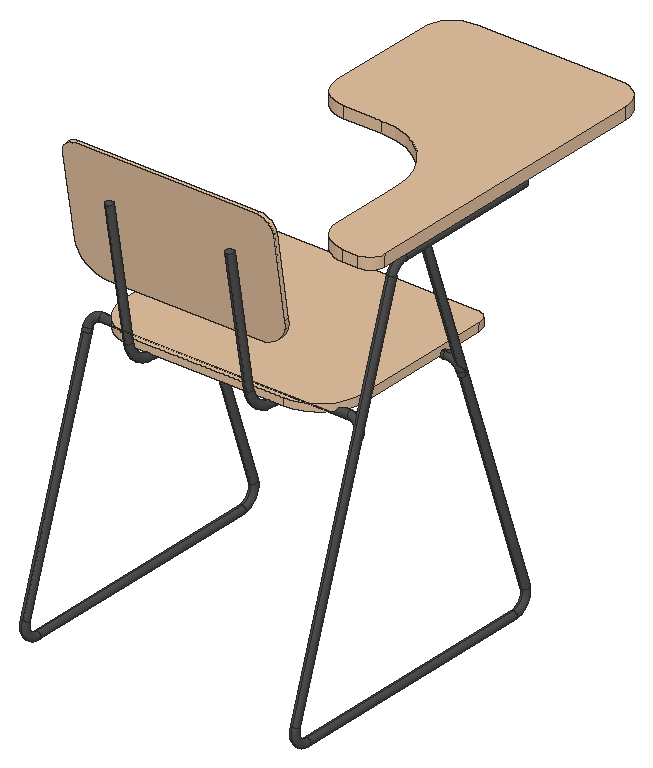
Revit family "Chair-Tablet Arm", category Furniture, Revit 2018
Family settings
  OmniClass Number = 23.40.20.14.14.11
  OmniClass Title = Chairs
  Work Plane-Based = No
  Always vertical = Yes
  Cut with Voids When Loaded = No
  Shared = Yes
  Room Calculation Point = No
Parameters (values of type "Chair-Tablet Arm")
  Assembly Code = "E2020200"
  Seat/Back Material = Cherry
  Tablet Material = Cherry
Reference planes (in)
  plane 1 "Center (Front/Back)": y = 4.28864
  plane 2: z = 0
  plane 3 "Center (Left/Right)": x = -7.04918
  plane 4: x = 1.95082
  plane 5: x = -16.04918
  plane 6: y = 0.28864
  plane 7: y = 14.28864
  plane 8: y = -5.71136
  plane 9: y = 8.28864
  plane 10 "Top": z = 30.75
  plane 11: z = 17.5
  plane 12: z = 16.5
  plane 13: y = -0.05919
  plane 14: y = 8.63239
  plane 15: through (0, -5.1106, 1.75221) normal (0, -0.9459, 0.3243)
  plane 16: through (0, 12.78567, 4.38366) normal (0, -0.9459, -0.3243)
  plane 17: z = 16.5
  plane 18: y = 8.63239
  plane 19: y = -0.05511
  plane 20: through (0, 0.68926, 0.12154) normal (0, -0.9848, -0.1736)
  plane 21 "Seat": z = 18
  plane 22: x = -3.04918
  plane 23: x = -11.04918
  plane 24: z = 27.75
  plane 25: z = 27.75
  plane 26: y = 22.95594
  plane 27: x = 9.5
  plane 28: x = 13.5
  plane 29 "Table": z = 26.75
Forms (in)
  Sweep 1, solid, material "Steel, Chrome Plated"
    path origin (1.95082, 0, 0) x (0, -1, 0) y (0, 0, 1)
      loop
        line (-5.58325, 25.62147) -> (-13.82647, 1.57875)
        arc (-13.82647, 1.57875) -> (-13.69714, 0.67067) -> (-12.88205, 0.25) r 1
        line (-12.88205, 0.25) -> (4.30476, 0.25)
        arc (4.30476, 0.25) -> (5.11849, 0.66876) -> (5.2507, 1.57432) r 1
        line (5.2507, 1.57432) -> (-2.76237, 24.94579)
        arc (-2.76237, 24.94579) -> (-3.12708, 25.4352) -> (-3.70832, 25.62147) r 1
        line (-3.70832, 25.62147) -> (-13.80537, 25.62147)
    profile origin (1.95082, 4.28865, 0) x (0, 0, 1) y (-1, 0, 0)
      loop
        circle (0.25, 0) r 0.25
  Sweep 2, solid, material "Steel, Chrome Plated"
    path origin (-16.04918, 0, 0) x (0, -1, 0) y (0, 0, 1)
      loop
        line (-8.63159, 16.49972) -> (-13.74887, 1.57432)
        arc (-13.74887, 1.57432) -> (-13.61666, 0.66876) -> (-12.80293, 0.25) r 1
        line (-12.80293, 0.25) -> (4.22565, 0.25)
        arc (4.22565, 0.25) -> (5.03938, 0.66876) -> (5.17159, 1.57432) r 1
        line (5.17159, 1.57432) -> (0.05511, 16.4974)
    profile origin (-16.04918, 4.28864, 0) x (0, 0, 1) y (-1, 0, 0)
      loop
        circle (0.25, 0) r 0.25
  Sweep 3, solid, material "Steel, Chrome Plated"
    path origin (0, -5.1106, 1.75221) x (0, -0.324324, -0.945946) y (1, 0, 0)
      loop
        line (-15.59002, 1.95082) -> (-15.85414, 1.95082)
        arc (-15.85414, 1.95082) -> (-16.38447, 1.73115) -> (-16.60414, 1.20082) r 0.75
        line (-16.60414, 1.20082) -> (-16.60414, -15.29918)
        arc (-16.60414, -15.29918) -> (-16.38447, -15.82951) -> (-15.85414, -16.04918) r 0.75
        line (-15.85414, -16.04918) -> (-15.58777, -16.04918)
    profile origin (-7.04918, -5.1106, 1.75221) x (0, -0.324324, -0.945946) y (0, -0.945946, 0.324324)
      loop
        circle (-16.60414, 0) r 0.25
  Sweep 4, solid, material "Steel, Chrome Plated"
    path origin (0, 12.78567, 4.38366) x (0, 0.324324, -0.945946) y (1, 0, 0)
      loop
        line (-12.80958, 1.95082) -> (-13.16539, 1.95082)
        arc (-13.16539, 1.95082) -> (-13.69572, 1.73115) -> (-13.91539, 1.20082) r 0.75
        line (-13.91539, 1.20082) -> (-13.91539, -15.04918)
        arc (-13.91539, -15.04918) -> (-13.62249, -15.75629) -> (-12.91539, -16.04918) r 1
        line (-12.91539, -16.04918) -> (-12.80841, -16.04918)
    profile origin (-6.92418, 12.78567, 4.38366) x (0, 0.324324, -0.945946) y (0, -0.945946, -0.324324)
      loop
        circle (-13.91539, 0) r 0.25
  Extrusion 5, solid, material "Cherry" <- "Seat/Back Material"
    sketch origin (0, 0.68926, 0.12154) x (0, 0.173648, -0.984808) y (1, 0, 0)
      loop
        arc (-31.16548, -13.04918) -> (-30.87259, -13.75629) -> (-30.16548, -14.04918) r 1
        line (-30.16548, -14.04918) -> (-24.53945, -14.04918)
        arc (-24.53945, -14.04918) -> (-23.12523, -13.46339) -> (-22.53945, -12.04918) r 2
        line (-22.53945, -12.04918) -> (-22.53945, -2.04918)
        arc (-22.53945, -2.04918) -> (-23.12523, -0.63497) -> (-24.53945, -0.04918) r 2
        line (-24.53945, -0.04918) -> (-30.16548, -0.04918)
        arc (-30.16548, -0.04918) -> (-30.87259, -0.34207) -> (-31.16548, -1.04918) r 1
        line (-31.16548, -1.04918) -> (-31.16548, -13.04918)
    from 0 to -0.25
  Extrusion 6, solid, material "Cherry" <- "Seat/Back Material"
    sketch origin (0, 0, 18) x (1, 0, 0) y (0, 1, 0)
      loop
        arc (-14.04918, 12.28864) -> (-14.75629, 11.99575) -> (-15.04918, 11.28864) r 1
        line (-15.04918, 11.28864) -> (-15.04918, 1.78864)
        arc (-15.04918, 1.78864) -> (-14.1705, -0.33268) -> (-12.04918, -1.21136) r 3
        line (-12.04918, -1.21136) -> (-2.04918, -1.21136)
        arc (-2.04918, -1.21136) -> (0.07214, -0.33268) -> (0.95082, 1.78864) r 3
        line (0.95082, 1.78864) -> (0.95082, 11.28864)
        arc (0.95082, 11.28864) -> (0.65793, 11.99575) -> (-0.04918, 12.28864) r 1
        line (-0.04918, 12.28864) -> (-14.04918, 12.28864)
    from -0.5 to 0
  Sweep 7, solid, material "Steel, Chrome Plated"
    path origin (-3.04918, 0, 0) x (0, -1, 0) y (0, 0, 1)
      loop
        line (-8.39629, 17.25) -> (0.9066, 17.25)
        arc (0.9066, 17.25) -> (2.19218, 17.71791) -> (2.87622, 18.9027) r 2
        line (2.87622, 18.9027) -> (4.43624, 27.75)
    profile origin (-3.04918, 3.74484, 0) x (0, 0, 1) y (-1, 0, 0)
      loop
        circle (17.25, 0) r 0.25
  Sweep 8, solid, material "Steel, Chrome Plated"
    path origin (-11.04918, 0, 0) x (0, -1, 0) y (0, 0, 1)
      loop
        line (-8.39629, 17.25) -> (0.9066, 17.25)
        arc (0.9066, 17.25) -> (2.19218, 17.71791) -> (2.87622, 18.9027) r 2
        line (2.87622, 18.9027) -> (4.44782, 27.81571)
    profile origin (-11.04918, 3.74484, 0) x (0, 0, 1) y (-1, 0, 0)
      loop
        circle (17.25, 0) r 0.25
  Extrusion 9, solid, material "Cherry" <- "Tablet Material"
    sketch origin (-11.19326, 0.78864, 0) x (1, 0, 0) y (0, 1, 0)
      loop
        arc (2, 22.95594) -> (0.58579, 22.37015) -> (0, 20.95594) r 2
        line (0, 20.95594) -> (0, 13.90733)
        arc (0, 13.90733) -> (0.58579, 12.49312) -> (2, 11.90733) r 2
        line (2, 11.90733) -> (4.5, 11.90733)
        arc (4.5, 11.90733) -> (8.03553, 10.44287) -> (9.5, 6.90733) r 5
        line (9.5, 6.90733) -> (9.5, 2)
        arc (9.5, 2) -> (10.08579, 0.58579) -> (11.5, 0) r 2
        line (11.5, 0) -> (12.5, 0)
        arc (12.5, 0) -> (13.20711, 0.29289) -> (13.5, 1) r 1
        line (13.5, 1) -> (13.5, 20.95594)
        arc (13.5, 20.95594) -> (12.91421, 22.37015) -> (11.5, 22.95594) r 2
        line (11.5, 22.95594) -> (2, 22.95594)
    from 26 to 26.75
Lines and regions (in)
  Masking region 1
    outline origin (0, 0, 30.75) x (-1, 0, 0) y (0, -1, 0)
      loop
        arc (13.54918, 2.81292) -> (13.90273, 2.95936) -> (14.04918, 3.31292) r 0.5
        line (14.04918, 3.31292) -> (14.04918, 4.47199)
        arc (14.04918, 4.47199) -> (13.90273, 4.82554) -> (13.54918, 4.97199) r 0.5
        line (13.54918, 4.97199) -> (0.54918, 4.97199)
        arc (0.54918, 4.97199) -> (0.19563, 4.82554) -> (0.04918, 4.47199) r 0.5
        line (0.04918, 4.47199) -> (0.04918, 3.31292)
        arc (0.04918, 3.31292) -> (0.19563, 2.95936) -> (0.54918, 2.81292) r 0.5
        line (0.54918, 2.81292) -> (13.54918, 2.81292)
  Masking region 2
    outline origin (0, 0, 18) x (1, 0, 0) y (0, 1, 0)
      loop
        arc (-2.04918, -1.21136) -> (0.07214, -0.33268) -> (0.95082, 1.78864) r 3
        line (0.95082, 1.78864) -> (0.95082, 11.28864)
        arc (0.95082, 11.28864) -> (0.65793, 11.99575) -> (-0.04918, 12.28864) r 1
        line (-0.04918, 12.28864) -> (-4.71654, 12.28864) -> (-14.04918, 12.28864)
        arc (-14.04918, 12.28864) -> (-14.75629, 11.99575) -> (-15.04918, 11.28864) r 1
        line (-15.04918, 11.28864) -> (-15.04918, 8.5969) -> (-15.79918, 8.5969) -> (-15.79918, 13.91262) -> (-16.401, 13.91262) -> (-16.401, -5.294) -> (-15.79918, -5.294) -> (-15.79918, 1.78864) -> (-15.04918, 1.78864)
        arc (-15.04918, 1.78864) -> (-14.1705, -0.33268) -> (-12.04918, -1.21136) r 3
        line (-12.04918, -1.21136) -> (-2.04918, -1.21136)
      loop
        line (-15.04918, 2.45844) -> (-15.04918, 8.00492) -> (-15.79918, 8.00492) -> (-15.79918, 2.45844) -> (-15.04918, 2.45844)
      loop
        line (2.30674, -5.294) -> (2.30674, 1.78864)
        arc (2.30674, 1.78864) -> (2.14163, 1.23822) -> (1.70082, 0.86956) r 1
        line (1.70082, 0.86956) -> (1.70082, -5.294) -> (2.30674, -5.294)
  Masking region 3
    outline origin (0, 0, 30.75) x (-1, 0, 0) y (0, -1, 0)
      loop
        line (11.19326, -21.74458) -> (11.19326, -14.69597)
        arc (11.19326, -14.69597) -> (10.60747, -13.28176) -> (9.19326, -12.69597) r 2
        line (9.19326, -12.69597) -> (6.69326, -12.69597)
        arc (6.69326, -12.69597) -> (3.15772, -11.23151) -> (1.69326, -7.69597) r 5
        line (1.69326, -7.69597) -> (1.69326, -2.78864)
        arc (1.69326, -2.78864) -> (1.10747, -1.37443) -> (-0.30674, -0.78864) r 2
        line (-0.30674, -0.78864) -> (-1.30674, -0.78864)
        arc (-1.30674, -0.78864) -> (-2.01385, -1.08153) -> (-2.30674, -1.78864) r 1
        line (-2.30674, -1.78864) -> (-2.30674, -21.74458)
        arc (-2.30674, -21.74458) -> (-1.72096, -23.15879) -> (-0.30674, -23.74458) r 2
        line (-0.30674, -23.74458) -> (9.19326, -23.74458)
        arc (9.19326, -23.74458) -> (10.60747, -23.15879) -> (11.19326, -21.74458) r 2
  symbolic lines
    curve 1: line (-14.04918, 12.28864, 18) -> (-4.71654, 12.28864, 18)
    curve 2: line (-15.04918, 11.28864, 18) -> (-15.04918, 1.78864, 18)
    curve 3: line (-12.04918, -1.21136, 18) -> (-2.04918, -1.21136, 18)
    curve 4: arc (-14.04918, 12.28864, 18) -> (-14.75629, 11.99575, 18) -> (-15.04918, 11.28864, 18) r 1
    curve 5: arc (-12.04918, -1.21136, 18) -> (-14.1705, -0.33268, 18) -> (-15.04918, 1.78864, 18) r 3
    curve 6: line (-13.54918, -2.81292, 30.75) -> (-0.54918, -2.81292, 30.75)
    curve 7: line (-14.04918, -3.31292, 30.75) -> (-14.04918, -4.47199, 30.75)
    curve 8: line (-13.54918, -4.97199, 30.75) -> (-0.54918, -4.97199, 30.75)
    curve 9: line (-0.04918, -3.31292, 30.75) -> (-0.04918, -4.47199, 30.75)
    curve 10: arc (-13.54918, -2.81292, 30.75) -> (-13.90273, -2.95936, 30.75) -> (-14.04918, -3.31292, 30.75) r 0.5
    curve 11: arc (-13.54918, -4.97199, 30.75) -> (-13.90273, -4.82554, 30.75) -> (-14.04918, -4.47199, 30.75) r 0.5
    curve 12: arc (-0.54918, -2.81292, 30.75) -> (-0.19563, -2.95936, 30.75) -> (-0.04918, -3.31292, 30.75) r 0.5
    curve 13: arc (-0.04918, -4.47199, 30.75) -> (-0.19563, -4.82554, 30.75) -> (-0.54918, -4.97199, 30.75) r 0.5
    curve 14: line (-11.45578, -1.21136, 18) -> (-11.45578, -2.81292, 18)
    curve 15: line (-10.73694, -1.21136, 18) -> (-10.73694, -2.81292, 18)
    curve 16: line (-2.63225, -1.21136, 18) -> (-2.63225, -2.81292, 18)
    curve 17: line (-3.33701, -1.21136, 18) -> (-3.33701, -2.81292, 18)
    curve 18: line (-15.04918, 8.00492, 18) -> (-15.79918, 8.00492, 18)
    curve 19: line (-15.04918, 8.5969, 18) -> (-15.79918, 8.5969, 18)
    curve 20: line (-15.79918, 8.00492, 18) -> (-15.79918, 8.5969, 18)
    curve 21: line (-15.04918, 1.78864, 18) -> (-15.79918, 1.78864, 18)
    curve 22: line (-15.04918, 2.45844, 18) -> (-15.79918, 2.45844, 18)
    curve 23: line (-15.79918, 1.78864, 18) -> (-15.79918, 2.45844, 18)
    curve 24: line (-16.401, -5.294, 18) -> (-15.79918, -5.294, 18)
    curve 25: line (-16.401, 13.91262, 18) -> (-16.401, -5.294, 18)
    curve 26: line (-15.79918, 13.91262, 18) -> (-16.401, 13.91262, 18)
    curve 27: line (-15.79918, -5.294, 18) -> (-15.79918, 13.91262, 18)
    curve 28: line (2.30674, -5.294, 18) -> (1.70082, -5.294, 18)
    curve 29: line (2.30674, 21.74458, 26.75) -> (2.30674, 1.78864, 26.75)
    curve 30: line (1.70082, -5.294, 18) -> (1.70082, 0.86956, 18)
    curve 31: line (0.30674, 23.74458, 26.75) -> (-9.19326, 23.74458, 26.75)
    curve 32: arc (0.30674, 23.74458, 26.75) -> (1.72096, 23.15879, 26.75) -> (2.30674, 21.74458, 26.75) r 2
    curve 33: arc (-11.19326, 21.74458, 26.75) -> (-10.60747, 23.15879, 26.75) -> (-9.19326, 23.74458, 26.75) r 2
    curve 34: line (-11.19326, 21.74458, 26.75) -> (-11.19326, 14.69597, 26.75)
    curve 35: arc (-11.19326, 14.69597, 26.75) -> (-10.60747, 13.28176, 26.75) -> (-9.19326, 12.69597, 26.75) r 2
    curve 36: line (-9.19326, 12.69597, 26.75) -> (-6.69326, 12.69597, 26.75)
    curve 37: arc (-6.69326, 12.69597, 26.75) -> (-3.15772, 11.23151, 26.75) -> (-1.69326, 7.69597, 26.75) r 5
    curve 38: line (-1.69326, 7.69597, 26.75) -> (-1.69326, 2.78864, 26.75)
    curve 39: line (0.30674, 0.78864, 26.75) -> (1.30674, 0.78864, 26.75)
    curve 40: arc (1.30674, 0.78864, 26.75) -> (2.01385, 1.08153, 26.75) -> (2.30674, 1.78864, 26.75) r 1
    curve 41: arc (-1.69326, 2.78864, 26.75) -> (-1.10747, 1.37443, 26.75) -> (0.30674, 0.78864, 26.75) r 2
    curve 42: arc (0.76232, 0.742, 18) -> (-0.33744, -0.67509, 18) -> (-2.04918, -1.21136, 18) r 3
    curve 43: line (2.30674, 1.706, 18) -> (2.30674, -5.294, 18)
Dimensions and locks (in)
  equal spacing: plane 5, plane 3 "Center (Left/Right)", plane 4
  locked: plane 5 to plane 4 at 18
  equal spacing: plane 8, plane 1 "Center (Front/Back)", plane 7
  locked: plane 8 to plane 7 at 20
Automatic sketch dimensions
  plane 4 to Masking region 1 sketch curve = 0' - 2"
  Masking region 1 sketch curve to Masking region 1 sketch curve = 0' - 0 1/2"  (x3)
  Masking region 1 sketch curve to plane 5 = 0' - 2 1/2"
  Masking region 1 sketch curve to plane 8 = 0' - 0.73937"
  Masking region 1 sketch curve to Masking region 1 sketch curve = 0' - 0"
  Masking region 1 sketch curve to Masking region 1 sketch curve = 0' - 1.15907"
  plane 4 to curve 9 = 0' - 2"
  curve 9 to curve 12 = 0' - 0 1/2"
  curve 9 to curve 13 = 0' - 0 1/2"
  curve 11 to plane 8 = 0' - 1.23937"
  curve 11 to plane 5 = 0' - 2 1/2"
  curve 10 to curve 11 = 0' - 0"
  curve 11 to curve 7 = 0' - 0 1/2"
  curve 10 to curve 11 = 0' - 1.15907"
  curve 41 to plane 6 = 0' - 0 1/2"
  curve 29 to plane 4 = 0' - 0.35592"
  curve 39 to curve 29 = 0' - 1"
  curve 39 to curve 40 = 0' - 1"
  plane 1 "Center (Front/Back)" to curve 41 = 0' - 1 1/2"
  plane 9 to curve 37 = 0' - 0.59267"
  plane 3 "Center (Left/Right)" to curve 37 = 0' - 0.35592"
  curve 35 to plane 7 = 0' - 0.40733"
  plane 23 to curve 34 = 0' - 0.14408"
  curve 35 to curve 34 = 0' - 7.0486"
  plane 4 to curve 32 = 0' - 1.64408"
  curve 40 to curve 41 = 0' - 1"
  curve 31 to plane 23 = 0' - 1.85592"
  Masking region 2 sketch curve to plane 4 = 0' - 0.35592"
  plane 4 to Masking region 2 sketch curve = 0' - 0 1/4"
  plane 4 to Masking region 2 sketch curve = 0' - 0.64408"
  plane 4 to Masking region 2 sketch curve = 0' - 1"
  Masking region 2 sketch curve to Masking region 2 sketch curve = 0' - 1"  (x2)
  Masking region 2 sketch curve to plane 22 = 0' - 1"
  plane 22 to Masking region 2 sketch curve = 0' - 1.66736"
  plane 23 to Masking region 2 sketch curve = 0' - 1"
  Masking region 2 sketch curve to plane 5 = 0' - 2"
  Masking region 2 sketch curve to plane 5 = 0' - 1"
  Masking region 2 sketch curve to Masking region 2 sketch curve = 0' - 0"  (x2)
  Masking region 2 sketch curve to plane 5 = 0' - 0 1/4"  (x3)
  plane 5 to Masking region 2 sketch curve = 0' - 0.35182"
  plane 7 to Masking region 2 sketch curve = 0' - 0.37602"
  plane 7 to Masking region 2 sketch curve = 0' - 2"
  Masking region 2 sketch curve to plane 9 = 0' - 0.30826"
  plane 9 to Masking region 2 sketch curve = 0' - 0.28372"
  plane 1 "Center (Front/Back)" to Masking region 2 sketch curve = 0' - 1.8302"
  Masking region 2 sketch curve to Masking region 2 sketch curve = 0' - 0.6698"
  Masking region 2 sketch curve to plane 8 = 0' - 0.41736"  (x2)
  Masking region 3 sketch curve to plane 4 = 0' - 0.35592"
  plane 4 to Masking region 3 sketch curve = 0' - 0.64408"
  plane 4 to Masking region 3 sketch curve = 0' - 1.64408"
  Masking region 3 sketch curve to Masking region 3 sketch curve = 0' - 1"
  plane 9 to Masking region 3 sketch curve = 0' - 0.59267"
  Masking region 3 sketch curve to plane 22 = 0' - 1.35592"
  plane 3 "Center (Left/Right)" to Masking region 3 sketch curve = 0' - 0.35592"
  Masking region 3 sketch curve to plane 23 = 0' - 1.85592"  (x2)
  plane 23 to Masking region 3 sketch curve = 0' - 0.14408"
  Masking region 3 sketch curve to Masking region 3 sketch curve = 0' - 7.0486"
  Masking region 3 sketch curve to plane 6 = 0' - 1 1/2"
  plane 5 to curve 24 = 0' - 0.35182"
  curve 26 to plane 5 = 0' - 0 1/4"
  curve 19 to plane 5 = 0' - 0 1/4"
  curve 23 to plane 5 = 0' - 0 1/4"
  curve 19 to plane 9 = 0' - 0.30826"
  curve 19 to curve 19 = 0' - 0 3/4"
  plane 9 to curve 18 = 0' - 0.28372"
  plane 23 to curve 5 = 0' - 1"
  plane 23 to curve 14 = 0' - 0.4066"
  curve 15 to plane 23 = 0' - 0.31224"
  plane 22 to curve 17 = 0' - 0.28783"
  curve 16 to plane 22 = 0' - 0.41693"
  curve 42 to plane 22 = 0' - 1"
  curve 42 to plane 6 = 0' - 0.45336"
  plane 4 to curve 42 = 0' - 1.1885"
  plane 6 to curve 42 = 0' - 1 1/2"
  curve 17 to curve 17 = 0' - 1 77/128"
  curve 16 to curve 17 = 0' - 0"
  curve 15 to curve 15 = 0' - 1 77/128"
  curve 14 to curve 15 = 0' - 0"
  curve 25 to plane 8 = 0' - 0.41736"
  curve 2 to curve 22 = 0' - 0.6698"
  plane 7 to curve 27 = 0' - 0.37602"
  curve 2 to curve 4 = 0' - 1"
  plane 22 to curve 1 = 0' - 1.66736"
  plane 7 to curve 1 = 0' - 2"
  plane 4 to curve 30 = 0' - 0 1/4"
  curve 43 to plane 4 = 0' - 0.35592"
  curve 43 to plane 8 = 0' - 0.41736"
  curve 30 to plane 6 = 0' - 0.58092"
  curve 30 to curve 43 = 0' - 0.83644"
